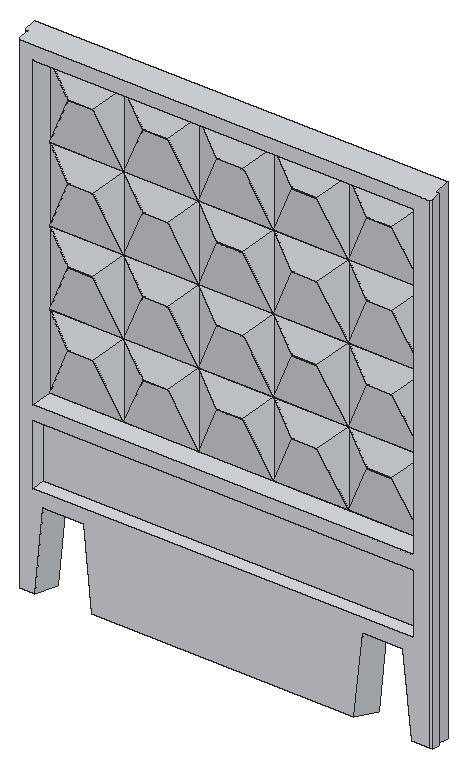
Revit family "Ограждение ПО-2.М", category Обобщенные модели, Revit 2023
Family settings
  Может служить основой для арматурных стержней = Нет
  Размер круглого соединителя = Использовать диаметр
  Тип детали = Нормальный
  На основе рабочей плоскости = Нет
  Всегда вертикально = Да
  При загрузке вырезать с полостями = Нет
  Сохранять ориентацию аннотаций = Нет
  Общий = Нет
  Точка принадлежности помещению = Нет
Parameters
  Отметка по умолчанию = 0 mm
Reference planes
  plane 1 "По центру (Вперед/Назад)": y = 0
  plane 2: z = 0
  plane 3 "По центру (Влево/Вправо)": x = 0
  plane 4: y = 75
  plane 5: y = -75
  plane 6: x = 1250
  plane 7: x = -1250
  plane 8: z = 3000
  plane 9: z = 2860
  plane 10: z = 1060
  plane 11: x = -1125
  plane 12: x = 1125
  plane 13: z = 920
  plane 14: z = 610
  plane 15: z = 500
  plane 16: y = 25
  plane 17: y = -25
  plane 18: y = 5
  plane 19: y = -5
  plane 20: y = -15
  plane 21: y = -65
  plane 22: z = 2970
  plane 23: x = 675
  plane 24: z = 2410
  plane 25: x = 975
  plane 26: x = 825
  plane 27: z = 2710
  plane 28: x = 225
  plane 29: z = 2410
  plane 30: x = 525
  plane 31: x = 375
  plane 32: z = 2710
  plane 33: x = -225
  plane 34: z = 2410
  plane 35: x = 75
  plane 36: x = -75
  plane 37: z = 2710
  plane 38: x = -675
  plane 39: z = 2410
  plane 40: x = -375
  plane 41: x = -525
  plane 42: z = 2710
  plane 43: x = -1125
  plane 44: z = 2410
  plane 45: x = -825
  plane 46: x = -975
  plane 47: z = 2710
  plane 48: x = 675
  plane 49: z = 1960
  plane 50: x = 975
  plane 51: x = 825
  plane 52: z = 2260
  plane 53: x = 225
  plane 54: z = 1960
  plane 55: x = 525
  plane 56: x = 375
  plane 57: z = 2260
  plane 58: x = -225
  plane 59: z = 1960
  plane 60: x = 75
  plane 61: x = -75
  plane 62: z = 2260
  plane 63: x = -675
  plane 64: z = 1960
  plane 65: x = -375
  plane 66: x = -525
  plane 67: z = 2260
  plane 68: x = -1125
  plane 69: z = 1960
  plane 70: x = -825
  plane 71: x = -975
  plane 72: z = 2260
  plane 73: x = 675
  plane 74: z = 1510
  plane 75: x = 975
  plane 76: x = 825
  plane 77: z = 1810
  plane 78: x = 225
  plane 79: z = 1510
  plane 80: x = 525
  plane 81: x = 375
  plane 82: z = 1810
  plane 83: x = -225
  plane 84: z = 1510
  plane 85: x = 75
  plane 86: x = -75
  plane 87: z = 1810
  plane 88: x = -675
  plane 89: z = 1510
  plane 90: x = -375
  plane 91: x = -525
  plane 92: z = 1810
  plane 93: x = -1125
  plane 94: z = 1510
  plane 95: x = -825
  plane 96: x = -975
  plane 97: z = 1810
  plane 98: x = 675
  plane 99: z = 1060
  plane 100: x = 975
  plane 101: x = 825
  plane 102: z = 1360
  plane 103: x = 225
  plane 104: z = 1060
  plane 105: x = 525
  plane 106: x = 375
  plane 107: z = 1360
  plane 108: x = -225
  plane 109: z = 1060
  plane 110: x = 75
  plane 111: x = -75
  plane 112: z = 1360
  plane 113: x = -675
  plane 114: z = 1060
  plane 115: x = -375
  plane 116: x = -525
  plane 117: z = 1360
  plane 118: x = -1125
  plane 119: z = 1060
  plane 120: x = -825
  plane 121: x = -975
  plane 122: z = 1360
  plane 123: z = 20
  plane 124: z = 30
  plane 125: x = -1065
  plane 126: x = -865
  plane 127: x = -815
  plane 128: x = -1115
  plane 129: z = 470
  plane 130: z = 470
  plane 131: x = 1115
  plane 132: x = 1065
  plane 133: x = 865
  plane 134: x = 815
  plane 135: x = -815
  plane 136: x = 815
Forms (mm)
  Extrusion 1, solid
    sketch origin (0, 0, 0) x (1, 0, 0) y (0, 1, 0)
      loop
        line (-1250, 75) -> (-1250, 5) -> (-1240, -5) -> (-1230, -5) -> (-1230, -65) -> (-1220, -75) -> (1240, -75) -> (1250, -65) -> (1250, -15) -> (1230, -5) -> (1230, 75) -> (-1250, 75)
    from 0 to 3000
  Blend 2, void
    base sketch origin (0, 0, 0) x (1, 0, 0) y (0, 0, 1)
      loop
        line (-1125, 2860) -> (-1125, 1060) -> (1125, 1060) -> (1125, 2860) -> (-1125, 2860)
    top sketch origin (0, 0, 0) x (1, 0, 0) y (0, 0, 1)
      loop
        line (-1145, 2890) -> (-1145, 1030) -> (1145, 1030) -> (1145, 2890) -> (-1145, 2890)
    from -25 to 75
  Blend 3, void
    base sketch origin (0, 0, 0) x (1, 0, 0) y (0, 0, 1)
      loop
        line (-1125, 920) -> (-1125, 610) -> (1125, 610) -> (1125, 920) -> (-1125, 920)
    top sketch origin (0, 0, 0) x (1, 0, 0) y (0, 0, 1)
      loop
        line (-1145, 950) -> (-1145, 580) -> (1145, 580) -> (1145, 950) -> (-1145, 950)
    from 25 to 75
  Extrusion 4, void
    sketch origin (0, 0, 0) x (0, 1, 0) y (0, 0, 1)
      loop
        line (75, 3000) -> (-75, 3000) -> (-75, 2970) -> (75, 3000)
    from -1250 to 1250
  Blend 5, solid
    base sketch origin (2000, 25, 1200) x (1, 0, 0) y (0, 0, 1)
      loop
        line (-1325, 1660) -> (-1325, 1210) -> (-875, 1210) -> (-875, 1660) -> (-1325, 1660)
    top sketch origin (2000, 25, 1200) x (1, 0, 0) y (0, 0, 1)
      loop
        line (-1176, 1511) -> (-1176, 1509) -> (-1024, 1509) -> (-1024, 1511) -> (-1176, 1511)
    from 0 to 50
  Blend 6, solid
    base sketch origin (1550, 25, 1200) x (1, 0, 0) y (0, 0, 1)
      loop
        line (-1325, 1660) -> (-1325, 1210) -> (-875, 1210) -> (-875, 1660) -> (-1325, 1660)
    top sketch origin (1550, 25, 1200) x (1, 0, 0) y (0, 0, 1)
      loop
        line (-1176, 1511) -> (-1176, 1509) -> (-1024, 1509) -> (-1024, 1511) -> (-1176, 1511)
    from 0 to 50
  Blend 7, solid
    base sketch origin (1100, 25, 1200) x (1, 0, 0) y (0, 0, 1)
      loop
        line (-1325, 1660) -> (-1325, 1210) -> (-875, 1210) -> (-875, 1660) -> (-1325, 1660)
    top sketch origin (1100, 25, 1200) x (1, 0, 0) y (0, 0, 1)
      loop
        line (-1176, 1511) -> (-1176, 1509) -> (-1024, 1509) -> (-1024, 1511) -> (-1176, 1511)
    from 0 to 50
  Blend 8, solid
    base sketch origin (650, 25, 1200) x (1, 0, 0) y (0, 0, 1)
      loop
        line (-1325, 1660) -> (-1325, 1210) -> (-875, 1210) -> (-875, 1660) -> (-1325, 1660)
    top sketch origin (650, 25, 1200) x (1, 0, 0) y (0, 0, 1)
      loop
        line (-1176, 1511) -> (-1176, 1509) -> (-1024, 1509) -> (-1024, 1511) -> (-1176, 1511)
    from 0 to 50
  Blend 9, solid
    base sketch origin (200, 25, 1200) x (1, 0, 0) y (0, 0, 1)
      loop
        line (-1325, 1660) -> (-1325, 1210) -> (-875, 1210) -> (-875, 1660) -> (-1325, 1660)
    top sketch origin (200, 25, 1200) x (1, 0, 0) y (0, 0, 1)
      loop
        line (-1176, 1511) -> (-1176, 1509) -> (-1024, 1509) -> (-1024, 1511) -> (-1176, 1511)
    from 0 to 50
  Blend 10, solid
    base sketch origin (2000, 25, 750) x (1, 0, 0) y (0, 0, 1)
      loop
        line (-1325, 1660) -> (-1325, 1210) -> (-875, 1210) -> (-875, 1660) -> (-1325, 1660)
    top sketch origin (2000, 25, 750) x (1, 0, 0) y (0, 0, 1)
      loop
        line (-1176, 1511) -> (-1176, 1509) -> (-1024, 1509) -> (-1024, 1511) -> (-1176, 1511)
    from 0 to 50
  Blend 11, solid
    base sketch origin (1550, 25, 750) x (1, 0, 0) y (0, 0, 1)
      loop
        line (-1325, 1660) -> (-1325, 1210) -> (-875, 1210) -> (-875, 1660) -> (-1325, 1660)
    top sketch origin (1550, 25, 750) x (1, 0, 0) y (0, 0, 1)
      loop
        line (-1176, 1511) -> (-1176, 1509) -> (-1024, 1509) -> (-1024, 1511) -> (-1176, 1511)
    from 0 to 50
  Blend 12, solid
    base sketch origin (1100, 25, 750) x (1, 0, 0) y (0, 0, 1)
      loop
        line (-1325, 1660) -> (-1325, 1210) -> (-875, 1210) -> (-875, 1660) -> (-1325, 1660)
    top sketch origin (1100, 25, 750) x (1, 0, 0) y (0, 0, 1)
      loop
        line (-1176, 1511) -> (-1176, 1509) -> (-1024, 1509) -> (-1024, 1511) -> (-1176, 1511)
    from 0 to 50
  Blend 13, solid
    base sketch origin (650, 25, 750) x (1, 0, 0) y (0, 0, 1)
      loop
        line (-1325, 1660) -> (-1325, 1210) -> (-875, 1210) -> (-875, 1660) -> (-1325, 1660)
    top sketch origin (650, 25, 750) x (1, 0, 0) y (0, 0, 1)
      loop
        line (-1176, 1511) -> (-1176, 1509) -> (-1024, 1509) -> (-1024, 1511) -> (-1176, 1511)
    from 0 to 50
  Blend 14, solid
    base sketch origin (200, 25, 750) x (1, 0, 0) y (0, 0, 1)
      loop
        line (-1325, 1660) -> (-1325, 1210) -> (-875, 1210) -> (-875, 1660) -> (-1325, 1660)
    top sketch origin (200, 25, 750) x (1, 0, 0) y (0, 0, 1)
      loop
        line (-1176, 1511) -> (-1176, 1509) -> (-1024, 1509) -> (-1024, 1511) -> (-1176, 1511)
    from 0 to 50
  Blend 15, solid
    base sketch origin (2000, 25, 300) x (1, 0, 0) y (0, 0, 1)
      loop
        line (-1325, 1660) -> (-1325, 1210) -> (-875, 1210) -> (-875, 1660) -> (-1325, 1660)
    top sketch origin (2000, 25, 300) x (1, 0, 0) y (0, 0, 1)
      loop
        line (-1176, 1511) -> (-1176, 1509) -> (-1024, 1509) -> (-1024, 1511) -> (-1176, 1511)
    from 0 to 50
  Blend 16, solid
    base sketch origin (1550, 25, 300) x (1, 0, 0) y (0, 0, 1)
      loop
        line (-1325, 1660) -> (-1325, 1210) -> (-875, 1210) -> (-875, 1660) -> (-1325, 1660)
    top sketch origin (1550, 25, 300) x (1, 0, 0) y (0, 0, 1)
      loop
        line (-1176, 1511) -> (-1176, 1509) -> (-1024, 1509) -> (-1024, 1511) -> (-1176, 1511)
    from 0 to 50
  Blend 17, solid
    base sketch origin (1100, 25, 300) x (1, 0, 0) y (0, 0, 1)
      loop
        line (-1325, 1660) -> (-1325, 1210) -> (-875, 1210) -> (-875, 1660) -> (-1325, 1660)
    top sketch origin (1100, 25, 300) x (1, 0, 0) y (0, 0, 1)
      loop
        line (-1176, 1511) -> (-1176, 1509) -> (-1024, 1509) -> (-1024, 1511) -> (-1176, 1511)
    from 0 to 50
  Blend 18, solid
    base sketch origin (650, 25, 300) x (1, 0, 0) y (0, 0, 1)
      loop
        line (-1325, 1660) -> (-1325, 1210) -> (-875, 1210) -> (-875, 1660) -> (-1325, 1660)
    top sketch origin (650, 25, 300) x (1, 0, 0) y (0, 0, 1)
      loop
        line (-1176, 1511) -> (-1176, 1509) -> (-1024, 1509) -> (-1024, 1511) -> (-1176, 1511)
    from 0 to 50
  Blend 19, solid
    base sketch origin (200, 25, 300) x (1, 0, 0) y (0, 0, 1)
      loop
        line (-1325, 1660) -> (-1325, 1210) -> (-875, 1210) -> (-875, 1660) -> (-1325, 1660)
    top sketch origin (200, 25, 300) x (1, 0, 0) y (0, 0, 1)
      loop
        line (-1176, 1511) -> (-1176, 1509) -> (-1024, 1509) -> (-1024, 1511) -> (-1176, 1511)
    from 0 to 50
  Blend 20, solid
    base sketch origin (2000, 25, -150) x (1, 0, 0) y (0, 0, 1)
      loop
        line (-1325, 1660) -> (-1325, 1210) -> (-875, 1210) -> (-875, 1660) -> (-1325, 1660)
    top sketch origin (2000, 25, -150) x (1, 0, 0) y (0, 0, 1)
      loop
        line (-1176, 1511) -> (-1176, 1509) -> (-1024, 1509) -> (-1024, 1511) -> (-1176, 1511)
    from 0 to 50
  Blend 21, solid
    base sketch origin (1550, 25, -150) x (1, 0, 0) y (0, 0, 1)
      loop
        line (-1325, 1660) -> (-1325, 1210) -> (-875, 1210) -> (-875, 1660) -> (-1325, 1660)
    top sketch origin (1550, 25, -150) x (1, 0, 0) y (0, 0, 1)
      loop
        line (-1176, 1511) -> (-1176, 1509) -> (-1024, 1509) -> (-1024, 1511) -> (-1176, 1511)
    from 0 to 50
  Blend 22, solid
    base sketch origin (1100, 25, -150) x (1, 0, 0) y (0, 0, 1)
      loop
        line (-1325, 1660) -> (-1325, 1210) -> (-875, 1210) -> (-875, 1660) -> (-1325, 1660)
    top sketch origin (1100, 25, -150) x (1, 0, 0) y (0, 0, 1)
      loop
        line (-1176, 1511) -> (-1176, 1509) -> (-1024, 1509) -> (-1024, 1511) -> (-1176, 1511)
    from 0 to 50
  Blend 23, solid
    base sketch origin (650, 25, -150) x (1, 0, 0) y (0, 0, 1)
      loop
        line (-1325, 1660) -> (-1325, 1210) -> (-875, 1210) -> (-875, 1660) -> (-1325, 1660)
    top sketch origin (650, 25, -150) x (1, 0, 0) y (0, 0, 1)
      loop
        line (-1176, 1511) -> (-1176, 1509) -> (-1024, 1509) -> (-1024, 1511) -> (-1176, 1511)
    from 0 to 50
  Blend 24, solid
    base sketch origin (200, 25, -150) x (1, 0, 0) y (0, 0, 1)
      loop
        line (-1325, 1660) -> (-1325, 1210) -> (-875, 1210) -> (-875, 1660) -> (-1325, 1660)
    top sketch origin (200, 25, -150) x (1, 0, 0) y (0, 0, 1)
      loop
        line (-1176, 1511) -> (-1176, 1509) -> (-1024, 1509) -> (-1024, 1511) -> (-1176, 1511)
    from 0 to 50
  Blend 25, void
    base sketch origin (2000, 25, 1200) x (-1, 0, 0) y (0, 0, 1)
      loop
        line (3115, -1200) -> (3068, -730) -> (2862, -730) -> (2815, -1200) -> (3115, -1200)
    top sketch origin (2000, 25, 1200) x (-1, 0, 0) y (0, 0, 1)
      loop
        line (3085.1, -700) -> (2834.85, -700) -> (2784.85, -1200) -> (3135.1, -1200) -> (3085.1, -700)
    from 50 to -100
  Blend 26, void
    base sketch origin (2000, 25, 1200) x (-1, 0, 0) y (0, 0, 1)
      loop
        line (885, -1200) -> (1185, -1200) -> (1135, -730) -> (935, -730) -> (885, -1200)
    top sketch origin (2000, 25, 1200) x (-1, 0, 0) y (0, 0, 1)
      loop
        line (864.887, -1200) -> (1215.169, -1200) -> (1161.978, -700) -> (918.079, -700) -> (864.887, -1200)
    from 50 to -100
  Extrusion 27, void
    sketch origin (0, 0, 0) x (0, 1, 0) y (0, 0, 1)
      loop
        line (-75, 0) -> (75, 0) -> (-75, 20) -> (-75, 0)
    from -1250 to 1250
  Extrusion 28, void
    sketch origin (0, 0, 0) x (0, 1, 0) y (0, 0, 1)
      loop
        line (-75, 0) -> (75, 0) -> (-75, 30) -> (-75, 0)
    from -815 to 815
Cuts and joins
  Blend 2, Blend 3, Extrusion 4, Blend 25, Blend 26, Extrusion 27, Extrusion 28 cuts Extrusion 1
Dimensions and locks
  locked: plane 5 to plane 4 at 150
  equal spacing: plane 5, plane 1 "По центру (Вперед/Назад)", plane 4
  equal spacing: plane 7, plane 3 "По центру (Влево/Вправо)", plane 6
  locked: plane 7 to plane 6 at 2500
  locked: plane 8 to level at 3000
  locked: plane 8 to plane 9 at 140
  locked: plane 9 to plane 10 at 1800
  equal spacing: plane 12, plane 3 "По центру (Влево/Вправо)", plane 11
  locked: plane 12 to plane 11 at 2250
  locked: plane 10 to plane 13 at 140
  locked: plane 13 to plane 14 at 310
  locked: plane 14 to plane 15 at 110
  locked: Blend 2 sketch curve to plane 9 at 30
  locked: plane 10 to Blend 2 sketch curve at 30
  locked: Blend 2 sketch curve to plane 12 at 20
  locked: plane 11 to Blend 2 sketch curve at 20
  locked: plane 16 to plane 4 at 50
  locked: Blend 3 sketch curve to plane 13 at 30
  locked: plane 14 to Blend 3 sketch curve at 30
  locked: Blend 3 sketch curve to plane 12 at 20
  locked: plane 11 to Blend 3 sketch curve at 20
  locked: plane 17 to plane 4 at 100
  locked: Extrusion 1 sketch curve to plane 18 at 10
  locked: plane 7 to Extrusion 1 sketch curve at 20
  locked: plane 19 to plane 18 at 10
  locked: plane 20 to plane 19 at 10
  locked: plane 17 to plane 20 at 10
  locked: plane 5 to plane 21 at 10
  locked: Extrusion 1 sketch curve to plane 6 at 20
  locked: plane 8 to plane 22 at 30
  locked: plane 9 to plane 24 at 450
  locked: plane 12 to plane 23 at 450
  locked: plane 9 to plane 27 at 150
  plane 12 to plane 25 to plane 26 = 150 mm locked, 150 mm locked
  Blend 5 sketch curve to plane 27 to Blend 5 sketch curve = 1 mm locked, 1 mm locked
  locked: plane 26 to Blend 5 sketch curve at 1
  locked: Blend 5 sketch curve to plane 25 at 1
  locked: plane 30 to plane 31 at 150
  Blend 6 sketch curve to plane 32 to Blend 6 sketch curve = 1 mm locked, 1 mm locked
  locked: plane 31 to Blend 6 sketch curve at 1
  locked: Blend 6 sketch curve to plane 30 at 1
  locked: plane 35 to plane 36 at 150
  Blend 7 sketch curve to plane 37 to Blend 7 sketch curve = 1 mm locked, 1 mm locked
  locked: plane 36 to Blend 7 sketch curve at 1
  locked: Blend 7 sketch curve to plane 35 at 1
  locked: plane 40 to plane 41 at 150
  Blend 8 sketch curve to plane 42 to Blend 8 sketch curve = 1 mm locked, 1 mm locked
  locked: plane 41 to Blend 8 sketch curve at 1
  locked: Blend 8 sketch curve to plane 40 at 1
  locked: plane 45 to plane 46 at 150
  Blend 9 sketch curve to plane 47 to Blend 9 sketch curve = 1 mm locked, 1 mm locked
  locked: plane 46 to Blend 9 sketch curve at 1
  locked: Blend 9 sketch curve to plane 45 at 1
  locked: plane 50 to plane 51 at 150
  Blend 10 sketch curve to plane 52 to Blend 10 sketch curve = 1 mm locked, 1 mm locked
  locked: plane 51 to Blend 10 sketch curve at 1
  locked: Blend 10 sketch curve to plane 50 at 1
  locked: plane 55 to plane 56 at 150
  Blend 11 sketch curve to plane 57 to Blend 11 sketch curve = 1 mm locked, 1 mm locked
  locked: plane 56 to Blend 11 sketch curve at 1
  locked: Blend 11 sketch curve to plane 55 at 1
  locked: plane 60 to plane 61 at 150
  Blend 12 sketch curve to plane 62 to Blend 12 sketch curve = 1 mm locked, 1 mm locked
  locked: plane 61 to Blend 12 sketch curve at 1
  locked: Blend 12 sketch curve to plane 60 at 1
  locked: plane 65 to plane 66 at 150
  Blend 13 sketch curve to plane 67 to Blend 13 sketch curve = 1 mm locked, 1 mm locked
  locked: plane 66 to Blend 13 sketch curve at 1
  locked: Blend 13 sketch curve to plane 65 at 1
  locked: plane 70 to plane 71 at 150
  Blend 14 sketch curve to plane 72 to Blend 14 sketch curve = 1 mm locked, 1 mm locked
  locked: plane 71 to Blend 14 sketch curve at 1
  locked: Blend 14 sketch curve to plane 70 at 1
  locked: plane 75 to plane 76 at 150
  Blend 15 sketch curve to plane 77 to Blend 15 sketch curve = 1 mm locked, 1 mm locked
  locked: plane 76 to Blend 15 sketch curve at 1
  locked: Blend 15 sketch curve to plane 75 at 1
  locked: plane 80 to plane 81 at 150
  Blend 16 sketch curve to plane 82 to Blend 16 sketch curve = 1 mm locked, 1 mm locked
  locked: plane 81 to Blend 16 sketch curve at 1
  locked: Blend 16 sketch curve to plane 80 at 1
  locked: plane 85 to plane 86 at 150
  Blend 17 sketch curve to plane 87 to Blend 17 sketch curve = 1 mm locked, 1 mm locked
  locked: plane 86 to Blend 17 sketch curve at 1
  locked: Blend 17 sketch curve to plane 85 at 1
  locked: plane 90 to plane 91 at 150
  Blend 18 sketch curve to plane 92 to Blend 18 sketch curve = 1 mm locked, 1 mm locked
  locked: plane 91 to Blend 18 sketch curve at 1
  locked: Blend 18 sketch curve to plane 90 at 1
  locked: plane 95 to plane 96 at 150
  Blend 19 sketch curve to plane 97 to Blend 19 sketch curve = 1 mm locked, 1 mm locked
  locked: plane 96 to Blend 19 sketch curve at 1
  locked: Blend 19 sketch curve to plane 95 at 1
  locked: plane 100 to plane 101 at 150
  Blend 20 sketch curve to plane 102 to Blend 20 sketch curve = 1 mm locked, 1 mm locked
  locked: plane 101 to Blend 20 sketch curve at 1
  locked: Blend 20 sketch curve to plane 100 at 1
  locked: plane 105 to plane 106 at 150
  Blend 21 sketch curve to plane 107 to Blend 21 sketch curve = 1 mm locked, 1 mm locked
  locked: plane 106 to Blend 21 sketch curve at 1
  locked: Blend 21 sketch curve to plane 105 at 1
  locked: plane 110 to plane 111 at 150
  Blend 22 sketch curve to plane 112 to Blend 22 sketch curve = 1 mm locked, 1 mm locked
  locked: plane 111 to Blend 22 sketch curve at 1
  locked: Blend 22 sketch curve to plane 110 at 1
  locked: plane 115 to plane 116 at 150
  Blend 23 sketch curve to plane 117 to Blend 23 sketch curve = 1 mm locked, 1 mm locked
  locked: plane 116 to Blend 23 sketch curve at 1
  locked: Blend 23 sketch curve to plane 115 at 1
  locked: plane 120 to plane 121 at 150
  Blend 24 sketch curve to plane 122 to Blend 24 sketch curve = 1 mm locked, 1 mm locked
  locked: plane 121 to Blend 24 sketch curve at 1
  locked: Blend 24 sketch curve to plane 120 at 1
  locked: plane 123 to level at 20
  locked: plane 124 to level at 30
  plane 127 to plane 126 to plane 125 to plane 128 to plane 7 = 50 mm locked, 200 mm locked, 50 mm locked, 135 mm locked
  locked: var sketch to Blend 25 sketch curve at 30
  locked: var sketch to Blend 25 sketch curve at 20
  locked: plane 15 to plane 129 at 30
  plane 6 to plane 131 to plane 132 to plane 133 to plane 134 = 135 mm locked, 50 mm locked, 200 mm locked, 50 mm locked
  locked: plane 15 to plane 130 at 30
  locked: Blend 26 sketch curve to var sketch at 20
  locked: Blend 26 sketch curve to var sketch at 30  (x2)
  locked: plane 6 to plane 136 at 435
  locked: plane 135 to plane 7 at 435
  locked: Extrusion 1 sketch curve to plane 18 (angle 45.00°)
  locked: plane 5 to Extrusion 1 sketch curve (angle 45.00°)
  aligned and locked: level to plane 2
  aligned and locked: plane 4 to Extrusion 1 sketch curve
  aligned and locked: Extrusion 1 sketch curve to plane 5
  aligned and locked: Extrusion 1 sketch curve to plane 6
  aligned and locked: plane 8 to Extrusion 1
  aligned and locked: Extrusion 1 to level
  aligned and locked: Blend 2 sketch curve to plane 9
  aligned and locked: plane 11 to Blend 2 sketch curve
  aligned and locked: plane 10 to Blend 2 sketch curve
  aligned and locked: Blend 2 sketch curve to plane 12
  aligned and locked: Blend 2 to plane 16
  aligned and locked: plane 5 to Blend 2
  aligned and locked: Blend 3 sketch curve to plane 13
  aligned and locked: plane 11 to Blend 3 sketch curve
  aligned and locked: plane 14 to Blend 3 sketch curve
  aligned and locked: Blend 3 sketch curve to plane 12
  aligned and locked: Blend 3 to plane 17
  aligned and locked: plane 5 to Blend 3
  aligned and locked: Extrusion 4 to plane 7
  aligned and locked: plane 6 to Extrusion 4
  aligned and locked: plane 24 to Blend 5 sketch curve
  aligned and locked: plane 23 to Blend 5 sketch curve
  aligned and locked: Blend 5 sketch curve to plane 9
  aligned and locked: Blend 5 sketch curve to plane 12
  aligned and locked: cut or joined group of Extrusion 1, Blend 2, Blend 3, Extrusion 4, Blend 25, Blend 26, Extrusion 27, Extrusion 28 to Blend 5
  aligned and locked: plane 17 to Blend 5
  aligned and locked: plane 29 to Blend 6 sketch curve
  aligned and locked: plane 28 to Blend 6 sketch curve
  aligned and locked: plane 34 to Blend 7 sketch curve
  aligned and locked: plane 33 to Blend 7 sketch curve
  aligned and locked: plane 39 to Blend 8 sketch curve
  aligned and locked: plane 38 to Blend 8 sketch curve
  aligned and locked: plane 44 to Blend 9 sketch curve
  aligned and locked: plane 43 to Blend 9 sketch curve
  aligned and locked: plane 49 to Blend 10 sketch curve
  aligned and locked: plane 48 to Blend 10 sketch curve
  aligned and locked: plane 54 to Blend 11 sketch curve
  aligned and locked: plane 53 to Blend 11 sketch curve
  aligned and locked: plane 59 to Blend 12 sketch curve
  aligned and locked: plane 58 to Blend 12 sketch curve
  aligned and locked: plane 64 to Blend 13 sketch curve
  aligned and locked: plane 63 to Blend 13 sketch curve
  aligned and locked: plane 69 to Blend 14 sketch curve
  aligned and locked: plane 68 to Blend 14 sketch curve
  aligned and locked: plane 74 to Blend 15 sketch curve
  aligned and locked: plane 73 to Blend 15 sketch curve
  aligned and locked: plane 79 to Blend 16 sketch curve
  aligned and locked: plane 78 to Blend 16 sketch curve
  aligned and locked: plane 84 to Blend 17 sketch curve
  aligned and locked: plane 83 to Blend 17 sketch curve
  aligned and locked: plane 89 to Blend 18 sketch curve
  aligned and locked: plane 88 to Blend 18 sketch curve
  aligned and locked: plane 94 to Blend 19 sketch curve
  aligned and locked: plane 93 to Blend 19 sketch curve
  aligned and locked: plane 99 to Blend 20 sketch curve
  aligned and locked: plane 98 to Blend 20 sketch curve
  aligned and locked: plane 104 to Blend 21 sketch curve
  aligned and locked: plane 103 to Blend 21 sketch curve
  aligned and locked: plane 109 to Blend 22 sketch curve
  aligned and locked: plane 108 to Blend 22 sketch curve
  aligned and locked: plane 114 to Blend 23 sketch curve
  aligned and locked: plane 113 to Blend 23 sketch curve
  aligned and locked: plane 119 to Blend 24 sketch curve
  aligned and locked: plane 118 to Blend 24 sketch curve
  aligned and locked: plane 2 to Blend 25 sketch curve
  aligned and locked: plane 5 to Blend 25
  aligned and locked: plane 15 to Blend 25 sketch curve
  aligned and locked: Blend 26 sketch curve to level  (x2)
  aligned and locked: plane 130 to Blend 26 sketch curve
  aligned and locked: plane 4 to Blend 26
  aligned and locked: plane 5 to Blend 26
  aligned and locked: plane 5 to Extrusion 27 sketch curve
  aligned and locked: plane 6 to Extrusion 27
  aligned and locked: Extrusion 27 to plane 7
  aligned and locked: plane 5 to Extrusion 28 sketch curve
  aligned and locked: Extrusion 28 sketch curve to level
  aligned and locked: Extrusion 28 to plane 135
  aligned and locked: plane 136 to Extrusion 28
Automatic sketch dimensions
  Extrusion 1 sketch curve to plane 7 = 0 mm
  plane 21 to Extrusion 1 sketch curve = 0 mm  (x2)
  plane 20 to Extrusion 1 sketch curve = 0 mm
  plane 19 to Extrusion 1 sketch curve = 0 mm
  plane 18 to Extrusion 1 sketch curve = 0 mm
  Extrusion 1 sketch curve to Extrusion 1 sketch curve = 10 mm
  Extrusion 4 sketch curve to plane 5 = 0 mm
  Extrusion 4 sketch curve to plane 4 = 0 mm
  Extrusion 4 sketch curve to plane 22 = 0 mm
  Extrusion 4 sketch curve to plane 8 = 0 mm
  Blend 6 sketch curve to plane 9 = 0 mm
  Blend 6 sketch curve to plane 12 = 450 mm
  Blend 7 sketch curve to plane 9 = 0 mm
  plane 3 "По центру (Влево/Вправо)" to Blend 7 sketch curve = 225 mm
  Blend 8 sketch curve to plane 9 = 0 mm
  Blend 8 sketch curve to plane 3 "По центру (Влево/Вправо)" = 225 mm
  Blend 9 sketch curve to plane 9 = 0 mm
  plane 11 to Blend 9 sketch curve = 450 mm
  Blend 10 sketch curve to plane 12 = 0 mm
  Blend 10 sketch curve to Blend 10 sketch curve = 450 mm
  Blend 11 sketch curve to Blend 11 sketch curve = 450 mm  (x2)
  plane 3 "По центру (Влево/Вправо)" to Blend 12 sketch curve = 225 mm
  Blend 12 sketch curve to Blend 12 sketch curve = 450 mm
  Blend 13 sketch curve to plane 3 "По центру (Влево/Вправо)" = 225 mm
  Blend 13 sketch curve to Blend 13 sketch curve = 450 mm
  plane 11 to Blend 14 sketch curve = 450 mm
  Blend 14 sketch curve to Blend 14 sketch curve = 450 mm
  Blend 15 sketch curve to plane 12 = 0 mm
  plane 74 to Blend 15 sketch curve = 450 mm
  Blend 16 sketch curve to Blend 16 sketch curve = 450 mm
  plane 79 to Blend 16 sketch curve = 450 mm
  plane 3 "По центру (Влево/Вправо)" to Blend 17 sketch curve = 225 mm
  plane 84 to Blend 17 sketch curve = 450 mm
  Blend 18 sketch curve to plane 3 "По центру (Влево/Вправо)" = 225 mm
  plane 89 to Blend 18 sketch curve = 450 mm
  plane 11 to Blend 19 sketch curve = 450 mm
  plane 94 to Blend 19 sketch curve = 450 mm
  Blend 20 sketch curve to plane 12 = 0 mm
  plane 10 to Blend 20 sketch curve = 450 mm
  Blend 21 sketch curve to Blend 21 sketch curve = 450 mm
  plane 10 to Blend 21 sketch curve = 450 mm
  plane 3 "По центру (Влево/Вправо)" to Blend 22 sketch curve = 225 mm
  plane 10 to Blend 22 sketch curve = 450 mm
  Blend 23 sketch curve to plane 3 "По центру (Влево/Вправо)" = 225 mm
  plane 10 to Blend 23 sketch curve = 450 mm
  plane 11 to Blend 24 sketch curve = 450 mm
  plane 10 to Blend 24 sketch curve = 450 mm
  Blend 25 sketch curve to level = 0 mm
  Blend 25 sketch curve to plane 127 = 0 mm
  Blend 25 sketch curve to plane 128 = 0 mm
  plane 126 to Blend 25 sketch curve = 3 mm
  Blend 25 sketch curve to plane 125 = 3 mm
  Blend 25 sketch curve to plane 129 = 0 mm
  Blend 25 sketch curve to plane 15 = 0 mm
  Blend 26 sketch curve to plane 131 = 0 mm
  Blend 26 sketch curve to plane 132 = 0 mm
  Blend 26 sketch curve to plane 133 = 0 mm
  Blend 26 sketch curve to plane 134 = 0 mm
  Blend 26 sketch curve to level = 0 mm
  Extrusion 27 sketch curve to plane 4 = 0 mm
  Extrusion 27 sketch curve to plane 123 = 0 mm
  Extrusion 27 sketch curve to level = 0 mm
  Extrusion 28 sketch curve to plane 4 = 0 mm
  Extrusion 28 sketch curve to plane 124 = 0 mm
